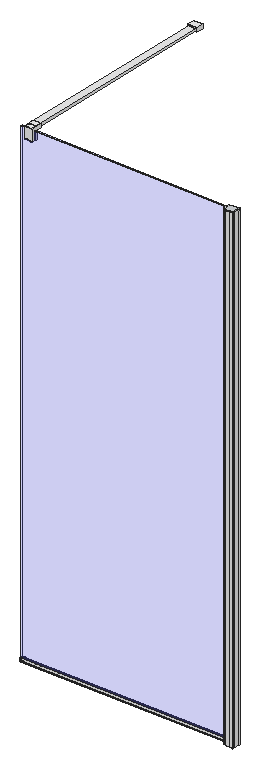
Revit family "PDT4P", category Plumbing Fixtures, Revit 2015
Parameters (values of type "900")
  Polycarbonate = none
  Glass = Glass
  Chrome = Chrome - Polished
  Aluminium = Aluminum - Polished
  A = 900 mm
  URL = "http://www.sanswiss.com/"
  Type Comments = ""
  Model = "PD4P"
  Manufacturer = "SanSwiss"
Types (8, lengths in mm): name | Polycarbonate | A
  (no name) | none | 900
  800 | none | 800
  700 | none | 700
  750 | none | 750
  900 | none | 900
  1000 | Seal | 1000
  1200 | none | 1200
  1400 | none | 1400
Reference planes
  plane 1 "Center (Front/Back)": y = 0
  plane 2: z = 0
  plane 3 "Center (Left/Right)": x = 0
  plane 4 "Back": y = 900
  plane 5 "Left": x = -900
Forms (mm)
  Extrusion 1, solid, material "Glass" <- "Glass"
    sketch origin (0, 14.4, 1950) x (-1, 0, 0) y (0, -1, 0)
      loop
        line (900, -15.3) -> (900, -7.3) -> (26, -7.3) -> (26, -15.3) -> (900, -15.3)
    from -1940 to 50
  Sweep 2, solid, material "Chrome - Polished" <- "Chrome"
    path origin (0, 0, 0) x (1, 0, 0) y (0, 0, 1)
      loop
        line (0, 2000) -> (0, 0)
    profile origin (0, 0, 1000) x (0, -1, 0) y (1, 0, 0)
      loop
        arc (-20.2, -40.358) -> (-20.93, -41.088) -> (-20.2, -41.818) r 0.73
        arc (-20.2, -41.818) -> (-13.123, -41.323) -> (-6.184, -39.848) r 50.848
        arc (-6.184, -39.848) -> (-3.356, -26.516) -> (-2.4, -12.92) r 98.231
        line (-2.4, -12.92) -> (-2.4, -1.304) -> (-3.9, -1.304) -> (-3.9, -8.042) -> (-9.225, -8.508)
        arc (-9.225, -8.508) -> (-9.641, -10.165) -> (-7.95, -9.923) r 1.029
        line (-7.95, -9.923) -> (-3.9, -9.569)
        arc (-3.9, -9.569) -> (-4.656, -24.02) -> (-7.454, -38.218) r 101.805
        line (-7.454, -38.218) -> (-9.6, -36.716) -> (-9.6, -39.246)
        arc (-9.6, -39.246) -> (-14.871, -40.079) -> (-20.2, -40.358) r 51.074
  Extrusion 3, solid, material "Aluminum - Polished" <- "Aluminium"
    sketch origin (900, 0, 0) x (0, 1, 0) y (0, 0, 1)
      loop
        line (21.6, 10) -> (21.6, 13.779)
        arc (21.6, 13.779) -> (21.689, 14.408) -> (21.297, 14.909) r 0.813
        arc (21.297, 14.909) -> (20.558, 14.896) -> (20.2, 14.25) r 0.739
        line (20.2, 14.25) -> (20.2, 3.1)
        arc (20.2, 3.1) -> (20.669, 1.969) -> (21.8, 1.5) r 1.6
        line (21.8, 1.5) -> (22.85, 1.5) -> (22.85, 0) -> (24.15, 0) -> (24.15, 1.5) -> (27.25, 1.5) -> (27.25, 0) -> (28.55, 0) -> (28.55, 1.5) -> (29.6, 1.5)
        arc (29.6, 1.5) -> (30.731, 1.969) -> (31.2, 3.1) r 1.6
        line (31.2, 3.1) -> (31.2, 14.241)
        arc (31.2, 14.241) -> (30.886, 14.841) -> (30.217, 14.955) r 0.763
        arc (30.217, 14.955) -> (29.742, 14.514) -> (29.8, 13.868) r 0.736
        line (29.8, 13.868) -> (29.8, 10) -> (21.6, 10)
      loop
        line (29.9, 8.7) -> (21.5, 8.7) -> (21.5, 2.8) -> (29.9, 2.8) -> (29.9, 8.7)
    from -1800 to -926
  Sweep 4, solid, material <- "Polycarbonate"
    path origin (0, 0, 0) x (1, 0, 0) y (0, 0, 1)
      loop
        line (0, 2004) -> (0, 2000)
    profile origin (0, 0, 2002) x (0, -1, 0) y (1, 0, 0)
      loop
        arc (-36.4, -16.813) -> (-35.639, -29.074) -> (-33.366, -41.147) r 99.099
        arc (-33.366, -41.147) -> (-33.044, -41.756) -> (-32.4, -42) r 0.973
        line (-32.4, -42) -> (-18.9, -42)
        arc (-18.9, -42) -> (-12.452, -41.458) -> (-6.184, -39.848) r 38.64
        arc (-6.184, -39.848) -> (-3.351, -26.478) -> (-2.4, -12.845) r 98.231
        line (-2.4, -12.845) -> (-2.4, -1.8)
        arc (-2.4, -1.8) -> (-2.839, -0.739) -> (-3.9, -0.3) r 1.5
        line (-3.9, -0.3) -> (-34.9, -0.3)
        arc (-34.9, -0.3) -> (-35.961, -0.739) -> (-36.4, -1.8) r 1.5
        line (-36.4, -1.8) -> (-36.4, -16.813)
  Sweep 5, solid, material "Aluminum - Polished" <- "Aluminium"
    path origin (0, 0, 0) x (1, 0, 0) y (0, 0, 1)
      loop
        line (0, 0) -> (0, 2000)
    profile origin (0, 0, 1000) x (-1, 0, 0) y (0, -1, 0)
      loop
        line (41.931, -31.4) -> (7.01, -31.4) -> (6, -29.65) -> (6, -22.942) -> (4, -22.589) -> (4, -7.217) -> (6.016, -7.04) -> (6.016, -5.9) -> (-0.5, -5.9) -> (-0.5, -7.2) -> (0, -8.066) -> (0, -32.7) -> (-0.5, -33.317) -> (-0.5, -34.396) -> (1.5, -34.396) -> (1.5, -36.4) -> (16.813, -36.4)
        arc (16.813, -36.4) -> (29.479, -35.574) -> (41.931, -33.112) r 97.571
        line (41.931, -33.112) -> (41.931, -31.4)
Dimensions and locks
  locked: plane 4 "Back" to plane 1 "Center (Front/Back)" at 900
  "A": plane 5 "Left" to plane 3 "Center (Left/Right)"
  locked: plane 5 "Left" to nested 1 at 28.05
  aligned and locked: level to plane 2
  aligned and locked: Extrusion 3 to plane 5 "Left"
  aligned and locked: Extrusion 1 to plane 5 "Left"
  aligned and locked: plane 5 "Left" to nested 2
Automatic sketch dimensions
  Extrusion 1 sketch curve to plane 1 "Center (Front/Back)" = 29.7 mm
  Extrusion 1 sketch curve to Extrusion 1 sketch curve = 8 mm
  plane 5 "Left" to Extrusion 1 sketch curve = 0 mm
  Extrusion 1 sketch curve to plane 3 "Center (Left/Right)" = 26 mm
  Sweep 2 sketch curve to plane 3 "Center (Left/Right)" = 0 mm
  level to Sweep 2 sketch curve = 0 mm
  level to Sweep 2 sketch curve = 2000 mm
  Extrusion 3 sketch curve to level = 0 mm  (x2)
  level to Extrusion 3 sketch curve = 3.1 mm
  Extrusion 3 sketch curve to plane 1 "Center (Front/Back)" = 20.2 mm
  Extrusion 3 sketch curve to Extrusion 3 sketch curve = 0.703 mm
  Extrusion 3 sketch curve to Extrusion 3 sketch curve = 0.036 mm
  Extrusion 3 sketch curve to Extrusion 3 sketch curve = 1.3 mm  (x5)
  Extrusion 3 sketch curve to Extrusion 3 sketch curve = 0.3 mm  (x3)
  Extrusion 3 sketch curve to Extrusion 3 sketch curve = 1.05 mm  (x2)
  Extrusion 3 sketch curve to Extrusion 3 sketch curve = 3.1 mm
  Extrusion 3 sketch curve to Extrusion 3 sketch curve = 8.861 mm
  Extrusion 3 sketch curve to Extrusion 3 sketch curve = 0.629 mm
  Extrusion 3 sketch curve to Extrusion 3 sketch curve = 0.008 mm
  level to Extrusion 3 sketch curve = 1.5 mm
  Extrusion 3 sketch curve to Extrusion 3 sketch curve = 0 mm  (x2)
  Extrusion 3 sketch curve to Extrusion 3 sketch curve = 5.6 mm
  Extrusion 3 sketch curve to Extrusion 3 sketch curve = 5.168 mm
  Extrusion 3 sketch curve to Extrusion 3 sketch curve = 5.498 mm
  Extrusion 3 sketch curve to Extrusion 3 sketch curve = 0.356 mm
  Extrusion 3 sketch curve to Extrusion 3 sketch curve = 0.017 mm
  Extrusion 3 sketch curve to Extrusion 3 sketch curve = 0.052 mm
  Extrusion 3 sketch curve to Extrusion 3 sketch curve = 0.026 mm
  Extrusion 3 sketch curve to Extrusion 3 sketch curve = 0.065 mm
  Extrusion 3 sketch curve to Extrusion 3 sketch curve = 0.1 mm
  profile plane to Sweep 2 sketch curve = 11.488 mm
  Sweep 2 sketch curve to plane 1 "Center (Front/Back)" = 105.687 mm
  Sweep 2 sketch curve to Sweep 2 sketch curve = 5.056 mm
  Sweep 2 sketch curve to plane 1 "Center (Front/Back)" = 9.225 mm
  Sweep 2 sketch curve to Sweep 2 sketch curve = 0.348 mm
  Sweep 2 sketch curve to Sweep 2 sketch curve = 0.926 mm
  profile plane to Sweep 2 sketch curve = 1.304 mm
  Sweep 2 sketch curve to Sweep 2 sketch curve = 0 mm  (x3)
  Sweep 2 sketch curve to Sweep 2 sketch curve = 1.5 mm
  Sweep 2 sketch curve to Sweep 2 sketch curve = 1.357 mm
  Sweep 2 sketch curve to Sweep 2 sketch curve = 3.351 mm
  Sweep 2 sketch curve to Sweep 2 sketch curve = 0.447 mm
  Sweep 2 sketch curve to Sweep 2 sketch curve = 1.527 mm
  Sweep 2 sketch curve to profile plane = 9.03 mm
  Sweep 2 sketch curve to Sweep 2 sketch curve = 1.685 mm
  Sweep 2 sketch curve to plane 1 "Center (Front/Back)" = 9.6 mm
  Sweep 2 sketch curve to Sweep 2 sketch curve = 2.146 mm
  Sweep 2 sketch curve to Sweep 2 sketch curve = 1.27 mm
  Sweep 2 sketch curve to Sweep 2 sketch curve = 2.53 mm
  Sweep 4 sketch curve to plane 3 "Center (Left/Right)" = 0 mm
  level to Sweep 4 sketch curve = 2000 mm
  Sweep 4 sketch curve to Sweep 4 sketch curve = 4 mm
  profile plane to Sweep 4 sketch curve = 12.845 mm
  Sweep 4 sketch curve to plane 1 "Center (Front/Back)" = 100.631 mm
  profile plane to Sweep 4 sketch curve = 1.8 mm
  Sweep 4 sketch curve to plane 1 "Center (Front/Back)" = 32.4 mm
  Sweep 4 sketch curve to Sweep 4 sketch curve = 13.5 mm
  profile plane to Sweep 4 sketch curve = 0.3 mm
  Sweep 4 sketch curve to plane 1 "Center (Front/Back)" = 3.9 mm
  Sweep 4 sketch curve to Sweep 4 sketch curve = 1.5 mm
  profile plane to Sweep 4 sketch curve = 16.813 mm
  Sweep 4 sketch curve to Sweep 4 sketch curve = 24.213 mm
  Sweep 4 sketch curve to Sweep 4 sketch curve = 0.973 mm
  profile plane to Sweep 4 sketch curve = 3.36 mm
  Sweep 4 sketch curve to Sweep 4 sketch curve = 0.966 mm
  Sweep 4 sketch curve to Sweep 4 sketch curve = 0 mm  (x2)
  Sweep 5 sketch curve to plane 3 "Center (Left/Right)" = 0 mm
  Sweep 5 sketch curve to level = 0 mm
  level to Sweep 5 sketch curve = 2000 mm
  Sweep 5 sketch curve to profile plane = 0 mm
  profile plane to Sweep 5 sketch curve = 0.5 mm  (x2)
  Sweep 5 sketch curve to profile plane = 1.5 mm
  Sweep 5 sketch curve to profile plane = 4 mm
  Sweep 5 sketch curve to profile plane = 6 mm
  Sweep 5 sketch curve to Sweep 5 sketch curve = 2.016 mm
  Sweep 5 sketch curve to Sweep 5 sketch curve = 1.01 mm
  Sweep 5 sketch curve to profile plane = 16.813 mm
  Sweep 5 sketch curve to plane 1 "Center (Front/Back)" = 36.4 mm
  Sweep 5 sketch curve to Sweep 5 sketch curve = 2.004 mm
  Sweep 5 sketch curve to Sweep 5 sketch curve = 1.078 mm
  Sweep 5 sketch curve to Sweep 5 sketch curve = 3.288 mm
  Sweep 5 sketch curve to Sweep 5 sketch curve = 0.617 mm
  Sweep 5 sketch curve to Sweep 5 sketch curve = 2.996 mm
  Sweep 5 sketch curve to Sweep 5 sketch curve = 1.75 mm
  Sweep 5 sketch curve to Sweep 5 sketch curve = 6.709 mm
  Sweep 5 sketch curve to Sweep 5 sketch curve = 0.353 mm
  Sweep 5 sketch curve to plane 1 "Center (Front/Back)" = 8.066 mm
  Sweep 5 sketch curve to Sweep 5 sketch curve = 0.866 mm
  Sweep 5 sketch curve to Sweep 5 sketch curve = 1.026 mm
  Sweep 5 sketch curve to Sweep 5 sketch curve = 1.14 mm
  Sweep 5 sketch curve to Sweep 5 sketch curve = 0.176 mm
  Sweep 5 sketch curve to Sweep 5 sketch curve = 25.118 mm
  Sweep 2 sketch curve to Sweep 2 sketch curve = 0.73 mm
  Sweep 2 sketch curve to plane 1 "Center (Front/Back)" = 20.2 mm
  Sweep 2 sketch curve to plane 1 "Center (Front/Back)" = 3.9 mm
  Sweep 2 sketch curve to Sweep 2 sketch curve = 11.616 mm
  Sweep 2 sketch curve to Sweep 2 sketch curve = 0.354 mm
Nested families
  nested 1: "stabiliser" at (-843.25, 0, 0), type "stabiliser"
    with length 900 mm
  nested 2: "plug" at (-900, 25.7, 0), type "plug"
  nested 3: "plug" at (-26, 25.7, 0) x (-1, 0, 0) z (0, 0, 1), type "plug"
Definition of nested family "stabiliser"
  Parameters (values of type "stabiliser")
    Chrome = none
    Aluminium = none
    length [instance] = 900 mm
    URL = "http://www.sanswiss.com/"
    Type Comments = ""
    Model = ""
    Manufacturer = "SanSwiss"
  Reference planes
    plane 1 "Center (Front/Back)": y = 0
    plane 2: z = 0
    plane 3 "Center (Left/Right)": x = 0
    plane 4 "Back": y = 900
    plane 5 "Left": x = -1200
    plane 6 "glass left": x = -1140.7
    plane 7 "glass right": x = -28.7
    plane 8 "bar front": y = 56.3
    plane 9 "bar back": y = 869
  Forms (mm)
    Sweep 1, solid, material <- "Chrome"
      path origin (900, 0, 0) x (0, 1, 0) y (0, 0, 1)
        loop
          line (900, 2016.65) -> (900, 1999.15)
      profile origin (900, 900, 2007.9) x (1, 0, 0) y (0, 1, 0)
        loop
          line (-937.75, 0) -> (-937.75, -31) -> (-901.75, -31) -> (-901.75, 0) -> (-937.75, 0)
    Sweep 2, solid, material <- "Aluminium"
      path origin (900, 0, 0) x (0, 1, 0) y (0, 0, 1)
        loop
          line (56.3, 2017) -> (869, 2017)
      profile origin (900, 462.65, 2017) x (0, 0, 1) y (1, 0, 0)
        loop
          line (-5.35, -904.35) -> (-15.35, -904.35) -> (-15.35, -934.35) -> (-5.35, -934.35) -> (-5.35, -904.35)
    Sweep 3, solid, material <- "Chrome"
      path origin (0, 0, 1950) x (-1, 0, 0) y (0, -1, 0)
        loop
          line (36.35, -34.3) -> (2.35, -34.3)
      profile origin (-19.35, 34.3, 1950) x (0, 1, 0) y (0, 0, 1)
        loop
          line (4, 49.65) -> (22, 49.65) -> (22, 62.177) -> (-20.3, 62.177) -> (-20.3, 14.709)
          arc (-20.3, 14.709) -> (-20.136, 14.314) -> (-19.741, 14.15) r 0.559
          line (-19.741, 14.15) -> (-12.5, 14.15) -> (-12.5, 50.65) -> (-4, 50.65) -> (-4, 15.15) -> (-3, 15.15) -> (-3, 14.15) -> (0, 14.15)
          arc (0, 14.15) -> (1.414, 14.736) -> (2, 16.15) r 2
          line (2, 16.15) -> (2, 47.65)
          arc (2, 47.65) -> (2.586, 49.064) -> (4, 49.65) r 2
    Sweep 4, solid, material <- "Chrome"
      path origin (0, 0, 1950) x (-1, 0, 0) y (0, -1, 0)
        loop
          line (0, -31.3) -> (0, -56.3)
      profile origin (0, 43.8, 1950) x (-1, 0, 0) y (0, 0, 1)
        loop
          line (2.35, 62.177) -> (36.35, 62.177)
          arc (36.35, 62.177) -> (35.943, 63.378) -> (34.89, 64.086) r 1.979
          arc (34.89, 64.086) -> (19.366, 66.159) -> (3.841, 64.086) r 59.17
          arc (3.841, 64.086) -> (2.756, 63.397) -> (2.35, 62.177) r 1.918
    SweptBlend 5, solid, material <- "Chrome"
      path origin (0, 0, 1950) x (-1, 0, 0) y (0, -1, 0)
        loop
          line (0, -14) -> (0, -31.3)
      profile origin (0, 14, 1950) x (-1, 0, 0) y (0, 0, 1)
        loop
          arc (36.35, 62.177) -> (35.594, 63.222) -> (34.381, 63.66) r 2.19
          line (34.381, 63.66) -> (4.329, 63.66)
          arc (4.329, 63.66) -> (3.092, 63.248) -> (2.35, 62.177) r 2.062
          line (2.35, 62.177) -> (36.35, 62.177)
      end profile origin (0, 31.3, 1950) x (-1, 0, 0) y (0, 0, 1)
        loop
          arc (3.841, 64.086) -> (2.756, 63.397) -> (2.35, 62.177) r 1.918
          line (2.35, 62.177) -> (36.35, 62.177)
          arc (36.35, 62.177) -> (35.943, 63.378) -> (34.89, 64.086) r 1.979
          arc (34.89, 64.086) -> (19.366, 66.159) -> (3.841, 64.086) r 59.17
  Dimensions and locks
    "length": plane 4 "Back" to plane 1 "Center (Front/Back)"
    locked: plane 5 "Left" to plane 6 "glass left" at 59.3
    locked: plane 4 "Back" to plane 9 "bar back" at 31
    locked: plane 1 "Center (Front/Back)" to plane 8 "bar front" at 56.3
    aligned and locked: level to plane 2
  Automatic sketch dimensions
    Sweep 1 sketch curve to plane 4 "Back" = 0 mm
    level to Sweep 1 sketch curve = 1999.15 mm
    Sweep 1 sketch curve to Sweep 1 sketch curve = 17.5 mm
    profile plane to Sweep 1 sketch curve = 0 mm
    profile plane to Sweep 1 sketch curve = 31 mm
    Sweep 1 sketch curve to profile plane = 937.75 mm
    Sweep 1 sketch curve to Sweep 1 sketch curve = 36 mm
    Sweep 2 sketch curve to plane 9 "bar back" = 0 mm
    level to Sweep 2 sketch curve = 2017 mm
    Sweep 2 sketch curve to plane 8 "bar front" = 0 mm
    profile plane to Sweep 2 sketch curve = 15.35 mm
    profile plane to Sweep 2 sketch curve = 5.35 mm
    Sweep 2 sketch curve to profile plane = 934.35 mm
    Sweep 2 sketch curve to Sweep 2 sketch curve = 30 mm
    Sweep 3 sketch curve to plane 3 "Center (Left/Right)" = 2.35 mm
    Sweep 3 sketch curve to plane 8 "bar front" = 22 mm
    Sweep 3 sketch curve to plane 7 "glass right" = 7.65 mm
    Sweep 3 sketch curve to profile plane = 0 mm
    profile plane to Sweep 3 sketch curve = 3 mm
    Sweep 3 sketch curve to Sweep 3 sketch curve = 1 mm  (x2)
    Sweep 3 sketch curve to Sweep 3 sketch curve = 8.5 mm
    Sweep 3 sketch curve to Sweep 3 sketch curve = 7.241 mm
    Sweep 3 sketch curve to Sweep 3 sketch curve = 7.8 mm
    Sweep 3 sketch curve to profile plane = 2 mm
    Sweep 3 sketch curve to Sweep 3 sketch curve = 2 mm
    Sweep 3 sketch curve to Sweep 3 sketch curve = 18 mm
    profile plane to Sweep 3 sketch curve = 14.15 mm  (x2)
    Sweep 3 sketch curve to Sweep 3 sketch curve = 31.5 mm
    Sweep 3 sketch curve to Sweep 3 sketch curve = 3 mm
    Sweep 3 sketch curve to Sweep 3 sketch curve = 12.527 mm
    Sweep 4 sketch curve to plane 3 "Center (Left/Right)" = 0 mm
    Sweep 4 sketch curve to plane 8 "bar front" = 0 mm
    Sweep 4 sketch curve to plane 8 "bar front" = 25 mm
    SweptBlend 5 sketch curve to plane 3 "Center (Left/Right)" = 0 mm
    SweptBlend 5 sketch curve to plane 8 "bar front" = 25 mm
    SweptBlend 5 sketch curve to plane 1 "Center (Front/Back)" = 14 mm
    SweptBlend 5 sketch curve to profile plane = 2.35 mm  (x2)
    SweptBlend 5 sketch curve to SweptBlend 5 sketch curve = 1.918 mm
    profile plane to SweptBlend 5 sketch curve = 6.989 mm
    SweptBlend 5 sketch curve to profile plane = 19.366 mm
    SweptBlend 5 sketch curve to SweptBlend 5 sketch curve = 30.103 mm
    SweptBlend 5 sketch curve to SweptBlend 5 sketch curve = 1.979 mm  (x2)
    SweptBlend 5 sketch curve to SweptBlend 5 sketch curve = 55.187 mm
    SweptBlend 5 sketch curve to SweptBlend 5 sketch curve = 0.001 mm
    SweptBlend 5 sketch curve to SweptBlend 5 sketch curve = 0.039 mm
    SweptBlend 5 sketch curve to SweptBlend 5 sketch curve = 0.426 mm
    SweptBlend 5 sketch curve to SweptBlend 5 sketch curve = 29.947 mm
    SweptBlend 5 sketch curve to SweptBlend 5 sketch curve = 0.105 mm
    SweptBlend 5 sketch curve to SweptBlend 5 sketch curve = 2.074 mm
    profile plane to SweptBlend 5 sketch curve = 61.473 mm
    SweptBlend 5 sketch curve to SweptBlend 5 sketch curve = 0.125 mm
    Sweep 4 sketch curve to profile plane = 2.35 mm
    Sweep 4 sketch curve to Sweep 4 sketch curve = 1.918 mm
    profile plane to Sweep 4 sketch curve = 6.989 mm
    Sweep 4 sketch curve to profile plane = 19.366 mm
    Sweep 4 sketch curve to Sweep 4 sketch curve = 1.979 mm
    Sweep 4 sketch curve to Sweep 4 sketch curve = 0.001 mm
    Sweep 4 sketch curve to Sweep 4 sketch curve = 0.039 mm
    Sweep 4 sketch curve to Sweep 4 sketch curve = 0.426 mm
    Sweep 4 sketch curve to Sweep 4 sketch curve = 0.519 mm
    Sweep 4 sketch curve to Sweep 4 sketch curve = 0 mm
Definition of nested family "plug"
  Parameters (values of type "plug")
    Chrome = none
    URL = "http://www.sanswiss.com/"
    Type Comments = ""
    Model = ""
    Manufacturer = "SanSwiss"
  Reference planes
    plane 1 "Center (Front/Back)": y = 0
    plane 2: z = 0
    plane 3 "Center (Left/Right)": x = 0
  Forms (mm)
    Extrusion 1, solid, material <- "Chrome"
      sketch origin (0, 0, 0) x (0, 1, 0) y (0, 0, 1)
        loop
          line (4.735, 15) -> (-4.804, 15)
          arc (-4.804, 15) -> (-5.296, 14.796) -> (-5.5, 14.304) r 0.696
          line (-5.5, 14.304) -> (-5.5, 3.107)
          arc (-5.5, 3.107) -> (-5.032, 1.976) -> (-3.901, 1.508) r 1.599
          line (-3.901, 1.508) -> (-2.85, 1.508) -> (-2.85, 0) -> (2.85, 0) -> (2.85, 1.508) -> (3.908, 1.508)
          arc (3.908, 1.508) -> (5.034, 1.974) -> (5.5, 3.1) r 1.592
          line (5.5, 3.1) -> (5.5, 14.235)
          arc (5.5, 14.235) -> (5.276, 14.776) -> (4.735, 15) r 0.765
      from -1.5 to 0
  Dimensions and locks
    aligned and locked: level to plane 2
